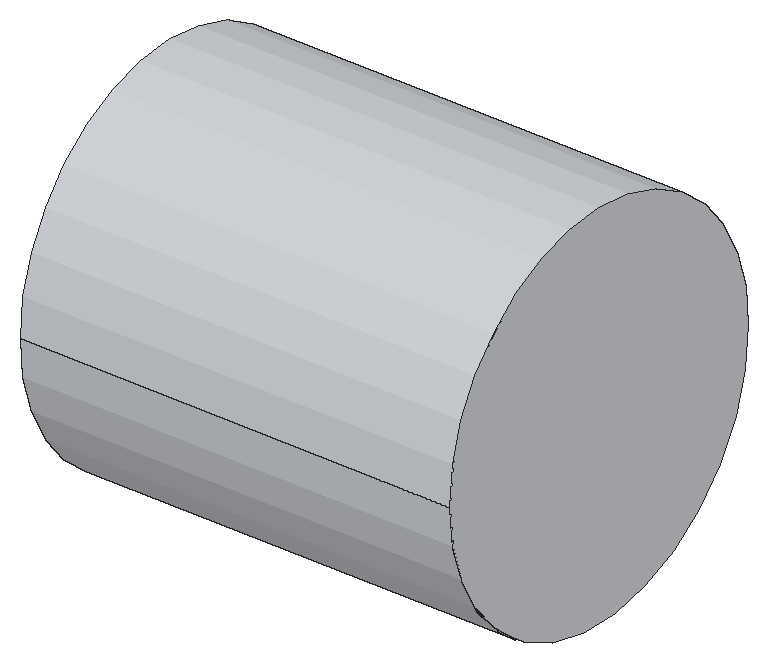
Revit family "Acoplamento - Junta - PPR", category Conexões de tubo, Revit 2019
Family settings
  Cota do conector redondo = Usar raio
  Tipo de parte = União
  Com base no plano de trabalho = Não
  Sempre na vertical = Sim
  Corte com vazios quando carregada = Não
  Compartilhado = Não
Parameters (values of type "Padrão")
  Tamanho da marca de revisão [instance] = Diâmetro externo da conexão * 0.4  # 12 mm
  Raio nominal [instance] = 10 mm
  Diâmetro nominal [instance] = Raio nominal * 2  # 20 mm
  Método de perda = Coeficiente K da tabela
  Nome da tabela de pesquisa = "BR_Coupling - Slip - PPR"
  Comprimento [instance] = size_lookup(Nome da tabela de pesquisa, "Lgt", 0.56 * Diâmetro nominal + 24.5 mm, Diâmetro nominal)  # 34.5 mm
  Tabela de coeficiente K = "Redutor/Acoplamento/União/Redutor"
  Raio externo da conexão [instance] = Diâmetro externo da conexão / 2  # 15 mm
  Diâmetro externo da conexão [instance] = size_lookup(Nome da tabela de pesquisa, "FOD", 1.39 * Diâmetro nominal - 0.2 mm, Diâmetro nominal)  # 30 mm
Reference planes
  plane 1 "Centro (frente/trás)": y = 0
  plane 2: z = 0
  plane 3 "Centro (direita/esquerda)": x = 0
  plane 4: x = -17.25
  plane 5: x = 17.25
  plane 6: y = 12
  plane 7: y = -12
Forms (mm)
  Extrusion 1, solid, detail levels fine
    sketch origin (0, 0, 0) x (0, 1, 0) y (0, 0, 1)
      loop
        circle (0, 0) r 15
    from -17.25 to 17.25
Lines and regions (mm)
  model lines, detail levels coarse+medium
    curve 1: line (-17.25, 0, 0) -> (17.25, 0, 0)
    curve 2: line (-17.25, 12, 0) -> (-17.25, -12, 0)
    curve 3: line (17.25, 12, 0) -> (17.25, -12, 0)
Dimensions and locks
  equal spacing: plane 4, plane 3 "Centro (direita/esquerda)", plane 5
  "Comprimento": plane 4 to plane 5
  "Tamanho da marca de revisão": plane 6 to plane 1 "Centro (frente/trás)"
  "Tamanho da marca de revisão": plane 7 to plane 1 "Centro (frente/trás)"
  "Raio externo da conexão": radius of Extrusion 1 sketch curve
  aligned and locked: plane 2 to Extrusion 1 sketch curve
  aligned and locked: plane 1 "Centro (frente/trás)" to Extrusion 1 sketch curve
  aligned and locked: Extrusion 1 to plane 4
  aligned and locked: Extrusion 1 to plane 5
  aligned and locked: plane 6 to curve 2
  aligned and locked: plane 7 to curve 2
  aligned and locked: curve 2 to plane 4
  aligned and locked: plane 6 to curve 3
  aligned and locked: plane 7 to curve 3
  aligned and locked: plane 5 to curve 3
  aligned and locked: plane 4 to curve 1
  aligned and locked: plane 5 to curve 1
  aligned and locked: plane 1 "Centro (frente/trás)" to curve 1
Connectors
  piping at (-17.25, 0, 0), diameter 20, driven by "Raio nominal"
    settings: on Extrusion 1, index 1, connector inside diameter 20 mm, connector length 0 mm, flow factor 0, pipe flow 0.0 L/s, pressure drop 0.0 Pa, fitting loss kfactor 0, connector angle 0.00°, fixture units 0, engagement length 0 mm, angle of deflection 0.00°, flow configuration 0, flow direction 0, fitting loss method 0, system type 28, joint type 0, gender type 0, connector reference index 2, connector utility 0, adjustable connector no, is connector primary yes, connector description ""
  piping at (17.25, 0, 0), diameter 20, driven by "Raio nominal"
    settings: on Extrusion 1, index 2, connector inside diameter 20 mm, connector length 0 mm, flow factor 0, pipe flow 0.0 L/s, pressure drop 0.0 Pa, fitting loss kfactor 0, connector angle 0.00°, fixture units 0, engagement length 0 mm, angle of deflection 0.00°, flow configuration 0, flow direction 0, fitting loss method 0, system type 28, joint type 0, gender type 0, connector reference index 1, connector utility 0, adjustable connector no, is connector primary no, connector description ""
